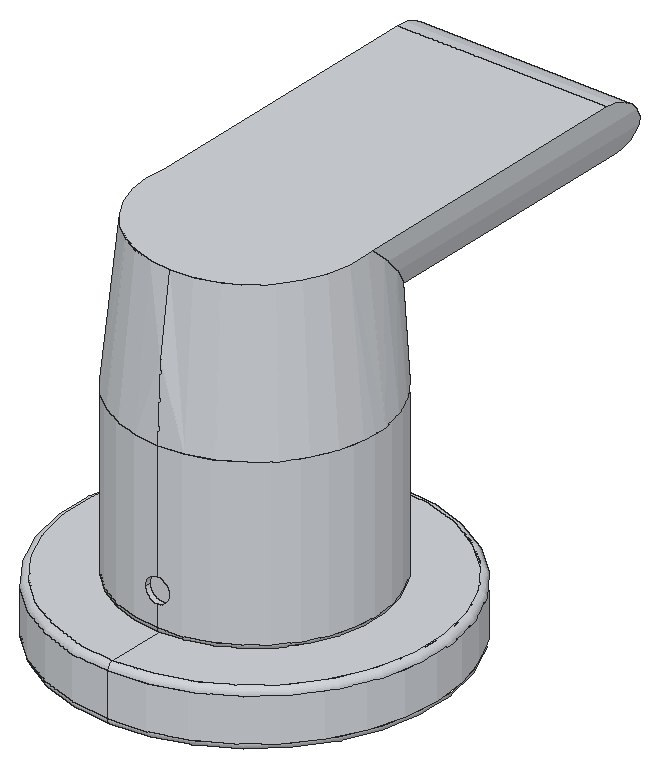
Revit family "Accessory-Robe_Hook-KOHLER-AVID-K-97499BR", category Specialty Equipment, host Face, Revit 2017
Family settings
  Host = Face
  Round Connector Dimension = Use Diameter
  Part Type = Normal
  OmniClass Number = 23.31.25.27
  OmniClass Title = Robe Hooks
  Cut with Voids When Loaded = No
  Shared = No
  Room Calculation Point = No
Parameters (values of type "CP-Polished Chrome")
  Width = 1 13/16"  # constant formula
  WaterSense Certified = 1 = 0  # no
  URL = "https://br.kohler.com/"
  Type = 1
  Product Page URL = "https://br.kohler.com/product-detail/97499br?skuid=K-97499BR-CP"
  Product Name = "AVID"  # constant formula
  Product Documentation Link = ""
  Model = if(Type = 1, "K-97499BR-CP", if(Type = 2, "K-97499BR-BN", if(Type = 3, "K-97499BR-RGD", "NA")))  # "K-97499BR-CP"
  Material = "Premium Metal Construction"  # constant formula
  Master Format 2014 Name = "Toilet, Bath, and Laundry Accessories"  # constant formula
  Master Format 2014 = "10 28 00"  # constant formula
  Manufacturer Address = "Rio de Janeiro MULTIREPAROS RUA BATISTA DA COSTA, Nº 352 | STORE B Rio de Janeiro  SÃO GONÇALO 24450-470"  # constant formula
  Manufacturer = "KOHLER Co."  # constant formula
  Length = 1 7/8"  # constant formula
  Height = 2 11/16"  # constant formula
  Finish = Kohler-Metal-CP-Polished_Chrome
  Environmental Product Declaration = ""
  Description = "Clothes hanger"  # constant formula
  Default Elevation = 42"
  Declare Label = ""
  Date Modified = "09/08/2021"  # constant formula
  Date Created = "09/08/2021"  # constant formula
  Copyright = "Copyright KOHLER Co."  # constant formula
  Contact Us = "https://br.kohler.com/asr-listing"
  Assembly Code = "C1030200"
  ADA Compliant = 1 = 0  # no
Types (4): name | Type | Product Page URL | Model | Finish
  (no name) | 1 | "https://br.kohler.com/product-detail/97499br?skuid=K-97499BR-CP" | "K-97499BR-CP" | Kohler-Metal-CP-Polished_Chrome
  CP-Polished Chrome | 1 | "https://br.kohler.com/product-detail/97499br?skuid=K-97499BR-CP" | "K-97499BR-CP" | Kohler-Metal-CP-Polished_Chrome
  BN-Vibrant Brushed Nickel | 2 | "https://br.kohler.com/product-detail/97499br?skuid=K-97499BR-BN" | "K-97499BR-BN" | Kohler-Metal-BN-Vibrant_Brushed_Nickel
  RGD-Polished Rose Gold | 3 | "https://br.kohler.com/product-detail/97499br?skuid=K-97499BR-RGD" | "K-97499BR-RGD" | Kohler-Metal-RGD-Polished_Rose_Gold
Reference planes (in)
  plane 1 "Center (Front/Back)": y = 0
  plane 2: z = 0
  plane 3 "Center (Left/Right)": x = 0
  plane 4: y = 1.78125
  plane 5: y = -0.90625
  plane 6: x = 0.90625
  plane 7: x = -0.90625
  plane 8: z = 1.875
  plane 9: y = 0.90625
  plane 10: z = 0.27559
Dimensions and locks (in)
  "Length": level to plane 8
  "Width": plane 7 to plane 6
  "Height": plane 5 to plane 4
  aligned and locked: plane 2 to host face
  aligned and locked: level to host face
Automatic sketch dimensions
  host sketch curve to host sketch curve = 96"  (x2)
Nested families (in)
  nested 1: "K-97499BR" at (0, 0, 0), type "K-97499BR"
Definition of nested family "K-97499BR"
  Parameters (values of type "K-97499")
    Material = none
  Reference planes (in)
    plane 1 "Center (Front/Back)": y = 0
    plane 2: z = 0
    plane 3 "Center (Left/Right)": x = 0
    plane 4: x = -0.90625
    plane 5: x = 0.90625
    plane 6: y = -0.90625
    plane 7: y = 0.90625
    plane 8: y = 1.78125
    plane 9: z = 1.875
  Forms (in)
    Revolve 1, solid, material <- "Material", detail levels medium+fine
      sketch origin (0, 0, 0) x (0, 1, 0) y (0, 0, 1)
        loop
          line (0, 0) -> (0, 1.85039) -> (-0.52315, 1.85039)
          arc (-0.52315, 1.85039) -> (-0.58024, 1.48051) -> (-0.59934, 1.10674) r 3.66726
          line (-0.59934, 1.10674) -> (-0.59934, 0.29859)
          arc (-0.59934, 0.29859) -> (-0.5941, 0.28379) -> (-0.58071, 0.27559) r 0.02352
          line (-0.58071, 0.27559) -> (-0.8737, 0.27559)
          arc (-0.8737, 0.27559) -> (-0.89672, 0.26606) -> (-0.90625, 0.24304) r 0.03255
          line (-0.90625, 0.24304) -> (-0.90625, 0.03125)
          arc (-0.90625, 0.03125) -> (-0.8971, 0.00915) -> (-0.875, 0) r 0.03125
          line (-0.875, 0) -> (0, 0)
        axis (0, 1.85039) -> (0, 0)
      angle from 0 to 360
    Extrusion 2, solid, material <- "Material", detail levels medium+fine
      sketch origin (0, 0, 0) x (1, 0, 0) y (0, 1, 0)
        loop
          arc (-0.46484, 1.79687) -> (-0.50075, 1.782) -> (-0.51562, 1.74609) r 0.05078
          line (-0.51562, 1.74609) -> (-0.51562, 0.01682)
          arc (-0.51562, 0.01682) -> (0, -0.4988) -> (0.51563, 0.01682) r 0.51562
          line (0.51563, 0.01682) -> (0.51563, 1.74516)
          arc (0.51563, 1.74516) -> (0.50048, 1.78173) -> (0.46391, 1.79687) r 0.05171
          line (0.46391, 1.79687) -> (-0.46484, 1.79687)
      from 1.30774 to 1.8724
    Extrusion 3, void
      sketch origin (0, 0.03125, 0) x (0, 1, 0) y (0, 0, 1)
        loop
          line (-0.73438, 1.85039) -> (1.5, 1.85039)
          arc (1.5, 1.85039) -> (1.67678, 1.77717) -> (1.75, 1.60039) r 0.25
          line (1.75, 1.60039) -> (1.75, 1.30656) -> (2.01451, 1.30656) -> (2.01451, 2.32733) -> (-0.73438, 2.32733) -> (-0.73438, 1.85039)
      from -1.07797 to 1.9314
    Extrusion 4, void
      sketch origin (0, 0, 0) x (1, 0, 0) y (0, 0, 1)
        loop
          line (-0.51562, 1.85039) -> (-0.64076, 1.85039) -> (-0.64076, 1.25587) -> (0.63742, 1.25587) -> (0.63742, 1.85039) -> (0.51563, 1.85039)
          arc (0.51563, 1.85039) -> (0, 1.33477) -> (-0.51562, 1.85039) r 0.51563
      from -2.02139 to 1.45101
    Extrusion 5, void
      sketch origin (0, 0, 0) x (1, 0, 0) y (0, 0, 1)
        loop
          circle (0, 0.46651) r 0.05955
      from 0.5729 to 0.86803
    Revolve 6, solid, material <- "Material", detail levels coarse
      sketch origin (0, 0, 0) x (1, 0, 0) y (0, 0, 1)
        loop
          line (0, 1.85039) -> (-0.59639, 1.85039) -> (-0.59639, 0.28143) -> (-0.9067, 0.28143) -> (-0.9067, 0.00588) -> (0, 0.00588) -> (0, 1.85039)
        axis (0, 0.00588) -> (0, 1.85039)
      angle from 0 to 360
    Extrusion 7, solid, material <- "Material", detail levels coarse
      sketch origin (0, 0, 1.85039) x (0, 1, 0) y (-1, 0, 0)
        loop
          line (0.08842, 0.51563) -> (0.08842, -0.51563) -> (1.78526, -0.51563) -> (1.78526, 0.51563) -> (0.08842, 0.51563)
      from -0.21255 to 0
  Cuts and joins
    Extrusion 3, Extrusion 5 cuts Revolve 1
    Extrusion 3, Extrusion 4 cuts Extrusion 2
    joined: Revolve 1, Extrusion 2
    joined: Revolve 6, Extrusion 7
  Lines and regions (in)
    Masking region 1
      outline origin (0, 0, 0) x (1, 0, 0) y (0, 1, 0)
        loop
          spline (-0.45096, 1.78125) -> (-0.46632, 1.77954) -> (-0.47942, 1.77389) -> (-0.49032, 1.76431) -> (-0.49891, 1.75064) -> (-0.50536, 1.73298) -> (-0.50987, 1.71159) -> (-0.51275, 1.68685) -> (-0.51441, 1.65924) -> (-0.51525, 1.62941) -> (-0.51559, 1.5979) -> (-0.51565, 1.56507) -> (-0.51562, 1.53125)
          line (-0.51562, 1.53125) -> (-0.51562, 0.74527)
          arc (-0.51562, 0.74527) -> (0, -0.90625) -> (0.51563, 0.74527) r 0.90625
          line (0.51563, 0.74527) -> (0.51563, 1.53125)
          spline (0.51563, 1.53125) -> (0.51563, 1.56501) -> (0.51555, 1.59776) -> (0.51523, 1.6293) -> (0.51442, 1.65921) -> (0.51276, 1.68685) -> (0.50986, 1.71159) -> (0.50537, 1.73298) -> (0.49893, 1.75065) -> (0.4903, 1.76431) -> (0.47939, 1.77389) -> (0.46629, 1.77953) -> (0.45096, 1.78125)
          line (0.45096, 1.78125) -> (-0.45096, 1.78125)
    Masking region 2
      outline origin (0, 0, 0) x (1, 0, 0) y (0, 0, 1)
        loop
          line (0, 0) -> (0.90625, 0) -> (0.90625, 0.24176)
          arc (0.90625, 0.24176) -> (0.8921, 0.2661) -> (0.86564, 0.2757) r 0.04126
          line (0.86564, 0.2757) -> (0.60083, 0.2757) -> (0.60083, 1.1169)
          arc (0.60083, 1.1169) -> (0.58086, 1.49804) -> (0.52115, 1.875) r 3.64626
          line (0.52115, 1.875) -> (0, 1.875) -> (-0.52115, 1.875)
          arc (-0.52115, 1.875) -> (-0.58086, 1.49804) -> (-0.60083, 1.1169) r 3.64626
          line (-0.60083, 1.1169) -> (-0.60083, 0.2757) -> (-0.86564, 0.2757)
          arc (-0.86564, 0.2757) -> (-0.8921, 0.2661) -> (-0.90625, 0.24176) r 0.04126
          line (-0.90625, 0.24176) -> (-0.90625, 0) -> (0, 0)
    Masking region 3
      outline origin (0, 0, 0) x (0, 1, 0) y (0, 0, 1)
        loop
          arc (1.78125, 1.60039) -> (1.70082, 1.79457) -> (1.50664, 1.875) r 0.27461
          line (1.50664, 1.875) -> (-0.51285, 1.875)
          arc (-0.51285, 1.875) -> (-0.5918, 1.42596) -> (-0.59604, 0.97005) r 2.77103
          line (-0.59604, 0.97005) -> (-0.59604, 0.27559) -> (-0.86412, 0.27559)
          arc (-0.86412, 0.27559) -> (-0.89391, 0.26325) -> (-0.90625, 0.23346) r 0.04213
          line (-0.90625, 0.23346) -> (-0.90625, 0) -> (0, 0) -> (0.90625, 0) -> (0.90625, 0.23346)
          arc (0.90625, 0.23346) -> (0.89391, 0.26325) -> (0.86412, 0.27559) r 0.04213
          line (0.86412, 0.27559) -> (0.59604, 0.27559) -> (0.59604, 0.77369)
          arc (0.59604, 0.77369) -> (0.80813, 1.18901) -> (1.25869, 1.3093) r 0.57327
          line (1.25869, 1.3093) -> (1.74108, 1.3093)
          arc (1.74108, 1.3093) -> (1.76948, 1.32107) -> (1.78125, 1.34947) r 0.04017
          line (1.78125, 1.34947) -> (1.78125, 1.60039)
    symbolic lines, detail levels medium+fine
      curve 1: line (-0.51562, 0.74527, 0) -> (-0.51562, 0.08842, 0)
      curve 2: line (0.51563, 0.74527, 0) -> (0.51563, 0.08842, 0)
      curve 3: arc (-0.51562, 0.08842, 0) -> (-0.39997, -0.33722, 0) -> (0, -0.52315, 0) r 0.52315
      curve 4: arc (0.51563, 0.08842, 0) -> (0.39997, -0.33722, 0) -> (0, -0.52315, 0) r 0.52315
      curve 5: line (-0.60083, 0, 0.2757) -> (0.64917, 0, 0.2757)
      curve 6: line (0, 0.59604, 0.27559) -> (0, -0.59604, 0.27559)
      curve 7: arc (0.52115, 0, 1.875) -> (0, 0, 1.35385) -> (-0.52115, 0, 1.875) r 0.52115
      curve 8: arc (-0.51562, 0.2997, 0) -> (0, -0.59639, 0) -> (0.51563, 0.2997, 0) r 0.59639
  Dimensions and locks (in)
    plane 9 to level = 1 7/8"
    plane 7 to plane 6 = 1 13/16"
    plane 8 to plane 6 = 2 11/16"
    aligned and locked: plane 2 to level
